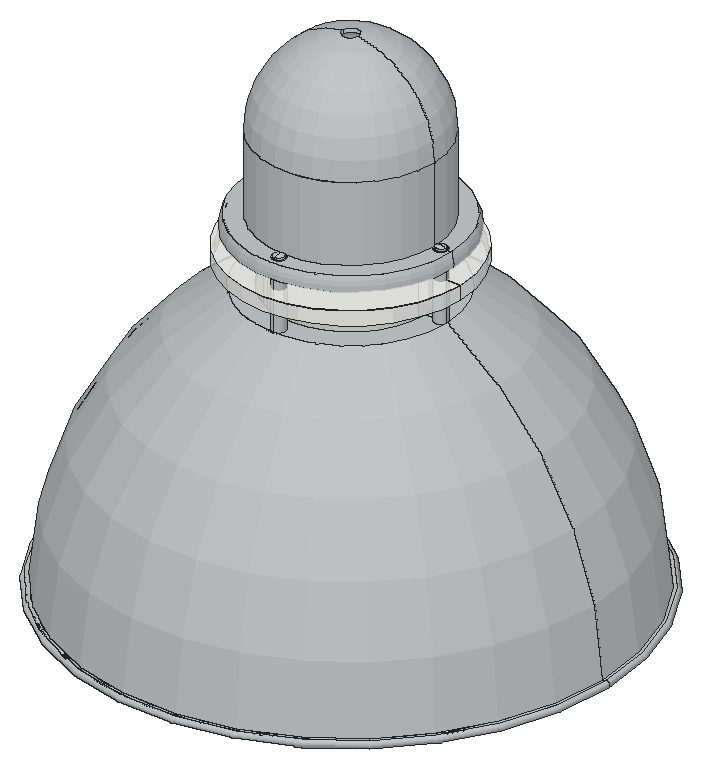
Revit family "UDP216 SHADE", category Lighting Fixtures, Revit 2024
Family settings
  Round Connector Dimension = Use Diameter
  Part Type = Normal
  OmniClass Number = 23.80.70.00
  OmniClass Title = Lighting
  Work Plane-Based = No
  Always vertical = Yes
  Cut with Voids When Loaded = No
  Light Source = Yes
  Maintain Annotation Orientation = No
  Shared = No
  Room Calculation Point = No
Parameters
  Wattage = 12.1178 W
  built-in parameter 1150110 = 1 (stored number, unit not read)
  built-in parameter 1114217 = 1 (stored number, unit not read)
  built-in parameter 1150109 = 1 (stored number, unit not read)
  built-in parameter 1150134 = (empty or 0)
  built-in parameter 1150113 = 1 (stored number, unit not read)
  Lumens = 1800 lm
  built-in parameter 1150115 = 1 (stored number, unit not read)
  built-in parameter 1150105 = 572.96 (stored number, unit not read)
  Light Source Symbol Size = 2' - 0"
  built-in parameter 1150137 = (empty or 0)
  built-in parameter 1150139 = (empty or 0)
  built-in parameter 1150112 = 1 (stored number, unit not read)
  built-in parameter 1150114 = 1 (stored number, unit not read)
  built-in parameter 1150132 = 2
  built-in parameter 1150102 = (empty or 0)
  built-in parameter 1150138 = (empty or 0)
  built-in parameter 1150107 = 3000 (stored number, unit not read)
  built-in parameter 1150106 = 5.7296 (stored number, unit not read)
  built-in parameter 1150104 = 13.8 (stored number, unit not read)
  Dimming Lamp Color Temperature Shift = (empty or 0)
  Default Elevation = 0' - 0"
  Color Filter = 16777215
  built-in parameter 1114218 = 1 (stored number, unit not read)
  built-in parameter 1150133 = 10 (stored number, unit not read)
Reference planes (in)
  plane 1 "Light Source Axis (F/B)": y = 0
  plane 2: z = 0
  plane 3 "Light Source Axis (L/R)": x = 0
  plane 4 "Light Source Elevation": z = 84
Forms (in)
  Revolve 1, solid
    sketch origin (0, 0, 0) x (1, 0, 0) y (0, 0, 1)
      loop
        line (-7.8002, 84.10625) -> (-7.7085, 84.10625)
        arc (-7.7085, 84.10625) -> (-6.39686, 88.81575) -> (-2.97396, 92.30625) r 9.80343
        line (-2.97396, 92.30625) -> (-2.33119, 92.30625) -> (-2.33119, 92.4) -> (-3, 92.4)
        arc (-3, 92.4) -> (-6.44837, 88.91368) -> (-7.8, 84.2) r 9.89718
        line (-7.8, 84.2) -> (-7.9, 84.2)
        arc (-7.9, 84.2) -> (-7.96847, 84.02711) -> (-7.8002, 84.10625) r 0.1
      loop
        line (-3.40187, 93.15) -> (-3.30812, 93.15) -> (-3.30812, 93.48125) -> (-2.33119, 93.48125) -> (-2.33119, 93.575) -> (-3.40187, 93.575) -> (-3.40187, 93.15)
      loop
        line (-3.2, 94.00044) -> (-3.10596, 94.00044)
        arc (-3.10596, 94.00044) -> (-3.1, 94.15664) -> (-3.05623, 94.30669) r 0.6377
        line (-3.05623, 94.30669) -> (-2.50625, 94.30669) -> (-2.50625, 96.70044)
        arc (-2.50625, 96.70044) -> (-1.86141, 98.41441) -> (-0.24673, 99.27829) r 2.60027
        line (-0.24673, 99.27829) -> (-0.24673, 99.37283)
        arc (-0.24673, 99.37283) -> (-1.92783, 98.48086) -> (-2.6, 96.70044) r 2.69402
        line (-2.6, 96.70044) -> (-2.6, 94.40044) -> (-3.11498, 94.40044)
        arc (-3.11498, 94.40044) -> (-3.18601, 94.2065) -> (-3.2, 94.00044) r 0.73145
      loop
        line (0, 87.63957) -> (0, 87.73332)
        arc (0, 87.73332) -> (-1.41863, 88.32094) -> (-2.00625, 89.73957) r 2.00625
        line (-2.00625, 89.73957) -> (-2.00625, 94.40044) -> (-2.1, 94.40044) -> (-2.1, 89.73957)
        arc (-2.1, 89.73957) -> (-1.48492, 88.25465) -> (0, 87.63957) r 2.1
      axis (0, 99.37283) -> (0, 84.10625)
    angle from 0 to 360
  Revolve 2, solid
    sketch origin (0, 0, 0) x (1, 0, 0) y (0, 0, 1)
      loop
        line (-2.78356, 94.40044) -> (-2.78356, 94.48465)
        arc (-2.78356, 94.48465) -> (-2.86374, 94.47476) -> (-2.93678, 94.44026) r 0.25475
        line (-2.93678, 94.44026) -> (-2.93678, 94.40044) -> (-2.78356, 94.40044)
      axis (-2.78356, 94.48465) -> (-2.78356, 94.40044)
    angle from 0 to 360
  Sweep 3, solid
    path origin (0, 0, 0) x (1, 0, 0) y (0, 0, 1)
      loop
        line (-2.78356, 94.40044) -> (-2.78356, 92.4)
    profile origin (-2.78356, 0, 93.40022) x (0, -1, 0) y (1, 0, 0)
      loop
        circle (0, 0) r 0.1875
  Revolve 4, solid
    sketch origin (0, 0, 0) x (0, -1, 0) y (0, 0, 1)
      loop
        line (-2.78356, 94.40044) -> (-2.78356, 94.48465)
        arc (-2.78356, 94.48465) -> (-2.86374, 94.47476) -> (-2.93678, 94.44026) r 0.25475
        line (-2.93678, 94.44026) -> (-2.93678, 94.40044) -> (-2.78356, 94.40044)
      axis (-2.78356, 94.48465) -> (-2.78356, 94.40044)
    angle from 0 to 360
  Sweep 5, solid
    path origin (0, 0, 0) x (0, -1, 0) y (0, 0, 1)
      loop
        line (-2.78356, 94.40044) -> (-2.78356, 92.4)
    profile origin (0, 2.78356, 93.40022) x (-1, 0, 0) y (0, -1, 0)
      loop
        circle (0, 0) r 0.1875
  Revolve 6, solid
    sketch origin (0, 0, 0) x (0, 1, 0) y (0, 0, 1)
      loop
        line (-2.78356, 94.40044) -> (-2.78356, 94.48465)
        arc (-2.78356, 94.48465) -> (-2.86374, 94.47476) -> (-2.93678, 94.44026) r 0.25475
        line (-2.93678, 94.44026) -> (-2.93678, 94.40044) -> (-2.78356, 94.40044)
      axis (-2.78356, 94.48465) -> (-2.78356, 94.40044)
    angle from 0 to 360
  Sweep 7, solid
    path origin (0, 0, 0) x (0, 1, 0) y (0, 0, 1)
      loop
        line (-2.78356, 94.40044) -> (-2.78356, 92.4)
    profile origin (0, -2.78356, 93.40022) x (1, 0, 0) y (0, 1, 0)
      loop
        circle (0, 0) r 0.1875
  Revolve 8, solid
    sketch origin (0, 0, 0) x (-1, 0, 0) y (0, 0, 1)
      loop
        line (-2.78356, 94.40044) -> (-2.78356, 94.48465)
        arc (-2.78356, 94.48465) -> (-2.86374, 94.47476) -> (-2.93678, 94.44026) r 0.25475
        line (-2.93678, 94.44026) -> (-2.93678, 94.40044) -> (-2.78356, 94.40044)
      axis (-2.78356, 94.48465) -> (-2.78356, 94.40044)
    angle from 0 to 360
  Sweep 9, solid
    path origin (0, 0, 0) x (-1, 0, 0) y (0, 0, 1)
      loop
        line (-2.78356, 94.40044) -> (-2.78356, 92.4)
    profile origin (2.78356, 0, 93.40022) x (0, 1, 0) y (-1, 0, 0)
      loop
        circle (0, 0) r 0.1875
Dimensions and locks (in)
  aligned and locked: plane 3 "Light Source Axis (L/R)" to imposter light
  aligned and locked: plane 1 "Light Source Axis (F/B)" to imposter light
  aligned and locked: plane 4 "Light Source Elevation" to imposter light
  aligned and locked: level to plane 2
